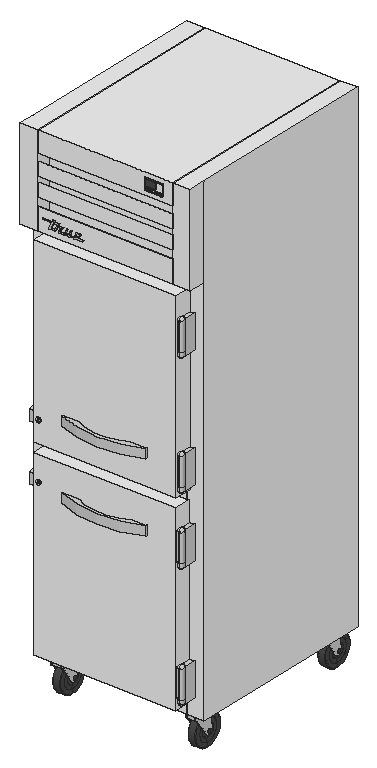
Revit family
Parameters
  Weight in Pounds = 0
  Watts = 1500 W
  Volts = 208 V
  URL Cutsheet = "www.truemfg.com"
  URL = "www.truemfg.com"
  Type Mark [instance] = ""
  Type Comments = ""
  Status [instance] = ""
  Specification by User [instance] = ""
  Specification by Manufacturer = ""
  Show Seismic Flanged [instance] = no
  Show Logo [instance] = yes
  Show Legs [instance] = no
  Show Clearance [instance] = yes
  Serial Number = ""
  Seismic Rating = ""
  Seismic Plate [instance] = and(Show Seismic Flanged, not(Show Casters))  # no
  SMACNA No = ""
  Revision Code [instance] = ""
  Phase = 1
  Omniclass Number and Title = ""
  Number of Poles [instance] = 1
  NAFEM Spec ID Number = ""
  Model = "STR1H-2HS"
  Min Ckt Ampacity = 0 A
  Max Overcurrent Protection = 0 A
  Masterspec = ""
  Manufacturer = "TRUE FOOD SERVICE EQUIPMENT, INC."
  Length = 27 1/2"
  Legs [instance] = or(Show Legs, Show Seismic Flanged)  # no
  Item Number [instance] = ""
  Installed By [instance] = ""
  Identify Quantity as Lot [instance] = yes
  Height = 77 3/4"
  HP = ""
  Furnished By [instance] = ""
  Foodservice Equipment Identifier [instance] = yes
  FL Amps = Watts / Volts  # 7.21154 A
  Electrical Remarks [instance] = ""
  Electric Connection Type [instance] = ""
  Elec Conn RI Height [instance] = 0"
  Elec Conn Connection Height [instance] = 0"
  Description = "Reach-in Solid Half Swing Door Heated Cabinet"
  Depth = 33 3/4"
  Cycle = 60 Hz
  Conn Plug = "6-15P"
  Conn Conduit = yes
  Show Casters [instance] = and(not(if(Show Legs, Show Legs, Show Legs)), not(if(Show Legs, Show Legs, Show Seismic Flanged)))  # yes
  CSI MasterFormat = ""
  CSI Master Format = ""
  Apparent Power = if(Phase = 3, Volts * FL Amps * 1.73, Volts * FL Amps)  # 1500 VA
Reference planes (in)
  plane 1 "BACK": y = 0
  plane 2: z = 0
  plane 3 "LEFT": x = 0
  plane 4 "RIGHT": x = 27.5
  plane 5 "FRONT": y = -33.75
  plane 6 "TOP": z = 84.125
  plane 7: z = 6.125
  plane 8: x = 2.84375
  plane 9: y = -33.7042
Forms (in)
  Extrusion 1, solid, material "QF_Finishes_Chrome - Satin"
    sketch origin (0.05, 0, 0) x (1, 0, 0) y (0, 1, 0)
      loop
        line (-0.05, 0) -> (-0.05, -31) -> (2.87859, -31) -> (2.87859, 0) -> (-0.05, 0)
    from 6.125 to 84.125
  Extrusion 2, solid, material "QF_Finishes_Chrome - Satin"
    sketch origin (50.15, 0, 0) x (1, 0, 0) y (0, 1, 0)
      loop
        line (-25.44375, 0) -> (-25.44375, -31) -> (-22.65, -31) -> (-22.65, 0) -> (-25.44375, 0)
    from 6.125 to 84.125
  Extrusion 3, solid, material "QF_Finishes_Chrome - Satin"
    sketch origin (0, 0, 0) x (0, 1, 0) y (0, 0, 1)
      loop
        line (-33.7042, 69.5) -> (-31, 69.5) -> (-31, 6.125) -> (0, 6.125) -> (0, 84.125) -> (-33.7042, 84.125) -> (-33.7042, 80.78078) -> (-31.5, 79.21352) -> (-31.5, 78.09125) -> (-33.7042, 79.65851) -> (-33.7042, 77.5248) -> (-31.5, 75.95754) -> (-31.5, 74.99678) -> (-33.7042, 76.56404) -> (-33.7042, 74.46784) -> (-31.5, 72.90057) -> (-31.5, 71.625) -> (-33.7042, 73.19226) -> (-33.7042, 69.5)
    from 2.92859 to 24.70625
  Extrusion 4, solid, material "QF_Finishes_Chrome - Satin"
    sketch origin (0, 0, 0) x (1, 0, 0) y (0, 1, 0)
      loop
        line (27.45312, -31) -> (24.70625, -31) -> (24.70625, -33.75) -> (27.45312, -33.75) -> (27.45312, -31)
    from 69.5 to 84.125
  Extrusion 5, solid, material "QF_Finishes_Chrome - Satin"
    sketch origin (-50.125, 0, 0.25) x (1, 0, 0) y (0, 1, 0)
      loop
        line (53.05359, -31) -> (50.17188, -31) -> (50.17188, -33.75) -> (53.05359, -33.75) -> (53.05359, -31)
    from 69.25 to 83.875
  Extrusion 6, solid, material "QF_Finishes_Chrome - Satin"
    sketch origin (-24.96875, 0, -0.71875) x (1, 0, 0) y (0, 0, 1)
      loop
        line (27.15625, 8.75) -> (50.09375, 8.75) -> (50.09375, 37.96875) -> (27.15625, 37.96875) -> (27.15625, 8.75)
      loop
        line (27.15625, 68.6875) -> (27.15625, 39.46875) -> (50.1875, 39.46875) -> (50.1875, 68.6875) -> (27.15625, 68.6875)
    from 31 to 33.75
  Extrusion 7, solid, material "QF_Finishes_Handrails and Railings"
    sketch origin (60.77813, -0.25, 31.96644) x (1, 0, 0) y (0, 1, 0)
      loop
        line (-53.875, -33.5) -> (-53.875, -33.7)
        arc (-53.875, -33.7) -> (-47.075, -35.14405) -> (-40.275, -33.7) r 16.7325
        line (-40.275, -33.7) -> (-40.275, -33.5) -> (-42.675, -33.5)
        arc (-42.675, -33.5) -> (-47.075, -34.65816) -> (-51.475, -33.5) r 8.93715
        line (-51.475, -33.5) -> (-53.875, -33.5)
    from 10.87731 to 12.37731
  Extrusion 8, solid, material "QF_Finishes_Handrails and Railings"
    sketch origin (-23.375, 0, 2.25) x (1, 0, 0) y (0, 0, 1)
      loop
        circle (26.4375, 40.0625) r 0.35
      loop
        line (26.47265, 40.33635) -> (26.41715, 40.33635) -> (26.41715, 39.76895) -> (26.47265, 39.76895) -> (26.47265, 40.33635)
    from 33.5 to 33.83066
  Extrusion 9, solid, material "QF_Finishes_Handrails and Railings", visible <- "Show Logo"
    sketch origin (0.33478, 1.08173, -6.73143) x (1, 0, 0) y (0, 0, 1)
      loop
        line (3.46044, 78.46231) -> (3.35478, 78.23573) -> (4.76027, 78.23573)
        arc (4.76027, 78.23573) -> (4.78879, 78.18528) -> (4.76027, 78.13484) r 0.05887
        line (4.76027, 78.13484) -> (4.39369, 77.34872)
        arc (4.39369, 77.34872) -> (4.39051, 77.27591) -> (4.43975, 77.22217) r 0.09523
        line (4.43975, 77.22217) -> (5.33844, 77.22217)
        arc (5.33844, 77.22217) -> (5.45192, 77.25795) -> (5.52436, 77.35235) r 0.19785
        line (5.52436, 77.35235) -> (5.81285, 77.97101) -> (6.0779, 77.97101)
        arc (6.0779, 77.97101) -> (6.14744, 77.94543) -> (6.13737, 77.87203) r 0.05911
        line (6.13737, 77.87203) -> (5.89598, 77.35437)
        arc (5.89598, 77.35437) -> (5.89974, 77.2684) -> (5.97231, 77.22217) r 0.09318
        line (5.97231, 77.22217) -> (6.76198, 77.22217)
        arc (6.76198, 77.22217) -> (6.82249, 77.24419) -> (6.85468, 77.29995) r 0.09412
        arc (6.85468, 77.29995) -> (6.87746, 77.24495) -> (6.93246, 77.22217) r 0.07778
        line (6.93246, 77.22217) -> (7.43246, 77.22217)
        arc (7.43246, 77.22217) -> (7.49022, 77.23765) -> (7.53251, 77.27993) r 0.11552
        arc (7.53251, 77.27993) -> (7.55275, 77.23106) -> (7.60162, 77.21081) r 0.06912
        line (7.60162, 77.21081) -> (8.31225, 77.21081)
        arc (8.31225, 77.21081) -> (8.37034, 77.23488) -> (8.39441, 77.29297) r 0.08216
        arc (8.39441, 77.29297) -> (8.44767, 77.23972) -> (8.52042, 77.22022) r 0.14551
        line (8.52042, 77.22022) -> (9.85158, 77.22022) -> (9.99946, 77.47634) -> (8.65678, 77.47634)
        arc (8.65678, 77.47634) -> (8.61972, 77.50204) -> (8.61834, 77.54711) r 0.05009
        line (8.61834, 77.54711) -> (8.64157, 77.59692)
        arc (8.64157, 77.59692) -> (8.67723, 77.64364) -> (8.73327, 77.66135) r 0.09747
        line (8.73327, 77.66135) -> (9.16485, 77.66135)
        arc (9.16485, 77.66135) -> (9.258, 77.68631) -> (9.32619, 77.7545) r 0.1863
        line (9.32619, 77.7545) -> (9.45119, 77.97101)
        arc (9.45119, 77.97101) -> (9.45119, 78.08657) -> (9.35111, 78.14434) r 0.11556
        line (9.35111, 78.14434) -> (8.89562, 78.14434)
        arc (8.89562, 78.14434) -> (8.7795, 78.12462) -> (8.69849, 78.03912) r 0.18605
        line (8.69849, 78.03912) -> (8.48204, 77.57493)
        arc (8.48204, 77.57493) -> (8.41815, 77.49167) -> (8.31806, 77.46011) r 0.1745
        line (8.31806, 77.46011) -> (7.84559, 77.46011)
        arc (7.84559, 77.46011) -> (7.78903, 77.52184) -> (7.79268, 77.60548) r 0.10939
        line (7.79268, 77.60548) -> (8.04395, 78.14434) -> (7.88403, 78.14434) -> (7.61781, 77.57344)
        arc (7.61781, 77.57344) -> (7.56609, 77.50603) -> (7.48505, 77.48048) r 0.14128
        line (7.48505, 77.48048) -> (7.15925, 77.48048)
        arc (7.15925, 77.48048) -> (7.10419, 77.55223) -> (7.116, 77.64189) r 0.11816
        line (7.116, 77.64189) -> (7.3503, 78.14434) -> (7.18514, 78.14434) -> (6.91546, 77.566)
        arc (6.91546, 77.566) -> (6.85285, 77.50339) -> (6.76733, 77.48048) r 0.17104
        line (6.76733, 77.48048) -> (6.29555, 77.48048)
        arc (6.29555, 77.48048) -> (6.21082, 77.51999) -> (6.20267, 77.61313) r 0.0935
        line (6.20267, 77.61313) -> (6.35774, 77.94569) -> (6.57695, 77.94569)
        arc (6.57695, 77.94569) -> (6.61395, 78.05717) -> (6.69267, 78.14434) r 0.2857
        line (6.69267, 78.14434) -> (5.83605, 78.14434)
        arc (5.83605, 78.14434) -> (5.74086, 78.12324) -> (5.67498, 78.05135) r 0.16212
        line (5.67498, 78.05135) -> (5.44279, 77.55341)
        arc (5.44279, 77.55341) -> (5.3894, 77.50002) -> (5.31647, 77.48048) r 0.14586
        line (5.31647, 77.48048) -> (4.80506, 77.48048)
        arc (4.80506, 77.48048) -> (4.76514, 77.53442) -> (4.77274, 77.60109) r 0.09155
        line (4.77274, 77.60109) -> (5.11018, 78.23573) -> (5.96155, 78.23573) -> (6.06721, 78.46231) -> (5.21584, 78.46231) -> (5.32149, 78.68888) -> (5.01862, 78.68888) -> (4.91297, 78.46231) -> (3.46044, 78.46231)
      loop
        arc (8.83805, 77.93863) -> (8.80119, 77.92875) -> (8.7742, 77.90176) r 0.07373
        line (8.7742, 77.90176) -> (8.75229, 77.83436)
        arc (8.75229, 77.83436) -> (8.76245, 77.80983) -> (8.78699, 77.79966) r 0.0347
        line (8.78699, 77.79966) -> (9.15948, 77.79966)
        arc (9.15948, 77.79966) -> (9.18632, 77.80561) -> (9.20812, 77.82234) r 0.0635
        line (9.20812, 77.82234) -> (9.22624, 77.90622)
        arc (9.22624, 77.90622) -> (9.22091, 77.92868) -> (9.20009, 77.93863) r 0.02676
        line (9.20009, 77.93863) -> (8.83805, 77.93863)
    from 34.76797 to 34.83173
  Extrusion 10, solid, material "QF_Finishes_White"
    sketch origin (-23.16691, 1.06376, 1.58022) x (1, 0, 0) y (0, 0, 1)
      loop
        line (43.31732, 81.73227) -> (43.31732, 79.98496) -> (46.22357, 79.98496) -> (46.22357, 81.73227) -> (43.31732, 81.73227)
    from 34.75 to 34.76797
  Extrusion 11, solid, material "QF_Finishes_Black"
    sketch origin (-23.16691, 1.06376, 1.58022) x (1, 0, 0) y (0, 0, 1)
      loop
        line (46.28607, 81.79477) -> (43.25482, 81.79477) -> (43.25482, 79.92246) -> (46.28607, 79.92246) -> (46.28607, 81.79477)
      loop
        spline (43.45482, 80.25372) -> (43.46333, 80.23754) -> (43.48831, 80.22247) -> (43.52804, 80.20952) -> (43.57982, 80.19959) -> (43.64011, 80.19335) -> (43.70482, 80.19122) -> (43.76952, 80.19335) -> (43.82982, 80.19959) -> (43.88159, 80.20952) -> (43.92132, 80.22247) -> (43.9463, 80.23754) -> (43.95482, 80.25372)
        spline (43.95482, 80.25372) -> (43.9463, 80.26989) -> (43.92132, 80.28497) -> (43.88159, 80.29791) -> (43.82982, 80.30784) -> (43.76952, 80.31409) -> (43.70482, 80.31622) -> (43.64011, 80.31409) -> (43.57982, 80.30784) -> (43.52804, 80.29791) -> (43.48831, 80.28497) -> (43.46333, 80.26989) -> (43.45482, 80.25372)
      loop
        spline (44.15083, 80.25372) -> (44.15935, 80.23754) -> (44.18432, 80.22247) -> (44.22405, 80.20952) -> (44.27583, 80.19959) -> (44.33612, 80.19335) -> (44.40083, 80.19122) -> (44.46553, 80.19335) -> (44.52583, 80.19959) -> (44.57761, 80.20952) -> (44.61734, 80.22247) -> (44.64231, 80.23754) -> (44.65083, 80.25372)
        spline (44.65083, 80.25372) -> (44.64231, 80.26989) -> (44.61734, 80.28497) -> (44.57761, 80.29791) -> (44.52583, 80.30784) -> (44.46553, 80.31409) -> (44.40083, 80.31622) -> (44.33612, 80.31409) -> (44.27583, 80.30784) -> (44.22405, 80.29791) -> (44.18432, 80.28497) -> (44.15935, 80.26989) -> (44.15083, 80.25372)
      loop
        spline (44.90083, 80.25372) -> (44.90935, 80.23754) -> (44.93432, 80.22247) -> (44.97405, 80.20952) -> (45.02583, 80.19959) -> (45.08612, 80.19335) -> (45.15083, 80.19122) -> (45.21553, 80.19335) -> (45.27583, 80.19959) -> (45.32761, 80.20952) -> (45.36734, 80.22247) -> (45.39231, 80.23754) -> (45.40083, 80.25372)
        spline (45.40083, 80.25372) -> (45.39231, 80.26989) -> (45.36734, 80.28497) -> (45.32761, 80.29791) -> (45.27583, 80.30784) -> (45.21553, 80.31409) -> (45.15083, 80.31622) -> (45.08612, 80.31409) -> (45.02583, 80.30784) -> (44.97405, 80.29791) -> (44.93432, 80.28497) -> (44.90935, 80.26989) -> (44.90083, 80.25372)
      loop
        line (43.45481, 81.59478) -> (43.45481, 80.59478) -> (45.15433, 80.59478) -> (45.15433, 81.59478) -> (43.45481, 81.59478)
      loop
        line (46.22357, 81.73227) -> (43.31732, 81.73227) -> (43.31732, 79.98496) -> (46.22357, 79.98496) -> (46.22357, 81.73227)
      loop
        spline (45.65083, 80.25372) -> (45.65935, 80.23754) -> (45.68432, 80.22247) -> (45.72405, 80.20952) -> (45.77583, 80.19959) -> (45.83612, 80.19335) -> (45.90083, 80.19122) -> (45.96553, 80.19335) -> (46.02583, 80.19959) -> (46.07761, 80.20952) -> (46.11734, 80.22247) -> (46.14231, 80.23754) -> (46.15083, 80.25372)
        spline (46.15083, 80.25372) -> (46.14231, 80.26989) -> (46.11734, 80.28497) -> (46.07761, 80.29791) -> (46.02583, 80.30784) -> (45.96553, 80.31409) -> (45.90083, 80.31622) -> (45.83612, 80.31409) -> (45.77583, 80.30784) -> (45.72405, 80.29791) -> (45.68432, 80.28497) -> (45.65935, 80.26989) -> (45.65083, 80.25372)
    from 34.76797 to 34.80335
  Extrusion 12, solid
    sketch origin (-25.125, 0, 0) x (1, 0, 0) y (0, 0, 1)
      loop
        circle (49.375, 82) r 0.25
    from 0 to 0.0625
  Blend 13, solid, material "QF_Finishes_Handrails and Railings"
    base sketch origin (27.53125, 0, 4.25) x (-1, 0, 0) y (0, 0, -1)
      loop
        line (25.25, -38.99169) -> (26, -38.99169) -> (26, -37.24169) -> (25.25, -37.24169) -> (25.25, -38.99169)
    top sketch origin (27.53125, 0, 4.25) x (-1, 0, 0) y (0, 0, -1)
      loop
        line (26.18223, -36.6441) -> (25.25, -36.6441) -> (25.25, -39.42643) -> (26.18223, -39.42643) -> (26.18223, -36.6441)
    from 33.57883 to 31
  Extrusion 14, solid, material "QF_Finishes_Handrails and Railings"
    sketch origin (26.1875, 0, 0) x (0, 1, 0) y (0, 0, -1)
      loop
        line (-31, -64.55229) -> (-31, -59.23627) -> (-33.25, -59.23627) -> (-33.25, -59.94848) -> (-32.81497, -59.94848) -> (-32.81497, -64.34776)
        arc (-32.81497, -64.34776) -> (-32.75506, -64.49238) -> (-32.61044, -64.55229) r 0.20453
        line (-32.61044, -64.55229) -> (-31, -64.55229)
    from 0.17506 to 1
  Revolve 15, solid, material "QF_Finishes_Handrails and Railings"
    sketch origin (25.6875, 0, 0) x (0, 1, 0) y (0, 0, -1)
      loop
        line (-33.26563, -60.00189) -> (-33.67229, -60.00189) -> (-33.67229, -64.4736)
        arc (-33.67229, -64.4736) -> (-33.53722, -64.72557) -> (-33.26563, -64.81483) r 0.3848
        line (-33.26563, -64.81483) -> (-33.26563, -60.00189)
      loop
        line (-33.26563, -59.94848) -> (-33.26563, -59.04781)
        arc (-33.26563, -59.04781) -> (-33.53264, -59.13383) -> (-33.67229, -59.37712) r 0.38884
        line (-33.67229, -59.37712) -> (-33.67229, -59.94848) -> (-33.26563, -59.94848)
      axis (-33.26563, -59.04781) -> (-33.26563, -64.81483)
    angle from 0 to 360
  Extrusion 16, solid, material "QF_Finishes_Handrails and Railings"
    sketch origin (27.5, 0, 0) x (-1, 0, 0) y (0, 0, -1)
      loop
        line (1.91491, -64.4736) -> (2.3125, -64.4736) -> (2.3125, -60.00079) -> (1.91491, -60.00079) -> (1.91491, -64.4736)
    from 32.81497 to 33.59495
  Extrusion 17, solid, material "QF_Finishes_Handrails and Railings"
    sketch origin (26.1875, 0, -19.5) x (0, 1, 0) y (0, 0, -1)
      loop
        line (-31, -64.55229) -> (-31, -59.23627) -> (-33.25, -59.23627) -> (-33.25, -59.94848) -> (-32.81497, -59.94848) -> (-32.81497, -64.34776)
        arc (-32.81497, -64.34776) -> (-32.75506, -64.49238) -> (-32.61044, -64.55229) r 0.20453
        line (-32.61044, -64.55229) -> (-31, -64.55229)
    from 0.17506 to 1
  Revolve 18, solid, material "QF_Finishes_Handrails and Railings"
    sketch origin (25.6875, 0, -19.5) x (0, 1, 0) y (0, 0, -1)
      loop
        line (-33.26563, -60.00189) -> (-33.67229, -60.00189) -> (-33.67229, -64.4736)
        arc (-33.67229, -64.4736) -> (-33.53722, -64.72557) -> (-33.26563, -64.81483) r 0.3848
        line (-33.26563, -64.81483) -> (-33.26563, -60.00189)
      loop
        line (-33.26563, -59.94848) -> (-33.26563, -59.04781)
        arc (-33.26563, -59.04781) -> (-33.53264, -59.13383) -> (-33.67229, -59.37712) r 0.38884
        line (-33.67229, -59.37712) -> (-33.67229, -59.94848) -> (-33.26563, -59.94848)
      axis (-33.26563, -59.04781) -> (-33.26563, -64.81483)
    angle from 0 to 360
  Extrusion 19, solid, material "QF_Finishes_Handrails and Railings"
    sketch origin (27.5, 0, -19.5) x (-1, 0, 0) y (0, 0, -1)
      loop
        line (1.91491, -64.4736) -> (2.3125, -64.4736) -> (2.3125, -60.00079) -> (1.91491, -60.00079) -> (1.91491, -64.4736)
    from 32.81497 to 33.59495
  Extrusion 20, solid, material "QF_Finishes_Handrails and Railings"
    sketch origin (26.1875, 0, -30.5) x (0, 1, 0) y (0, 0, -1)
      loop
        line (-31, -64.55229) -> (-31, -59.23627) -> (-33.25, -59.23627) -> (-33.25, -59.94848) -> (-32.81497, -59.94848) -> (-32.81497, -64.34776)
        arc (-32.81497, -64.34776) -> (-32.75506, -64.49238) -> (-32.61044, -64.55229) r 0.20453
        line (-32.61044, -64.55229) -> (-31, -64.55229)
    from 0.17506 to 1
  Revolve 21, solid, material "QF_Finishes_Handrails and Railings"
    sketch origin (25.6875, 0, -30.5) x (0, 1, 0) y (0, 0, -1)
      loop
        line (-33.26563, -60.00189) -> (-33.67229, -60.00189) -> (-33.67229, -64.4736)
        arc (-33.67229, -64.4736) -> (-33.53722, -64.72557) -> (-33.26563, -64.81483) r 0.3848
        line (-33.26563, -64.81483) -> (-33.26563, -60.00189)
      loop
        line (-33.26563, -59.94848) -> (-33.26563, -59.04781)
        arc (-33.26563, -59.04781) -> (-33.53264, -59.13383) -> (-33.67229, -59.37712) r 0.38884
        line (-33.67229, -59.37712) -> (-33.67229, -59.94848) -> (-33.26563, -59.94848)
      axis (-33.26563, -59.04781) -> (-33.26563, -64.81483)
    angle from 0 to 360
  Extrusion 22, solid, material "QF_Finishes_Handrails and Railings"
    sketch origin (27.5, 0, -30.5) x (-1, 0, 0) y (0, 0, -1)
      loop
        line (1.91491, -64.4736) -> (2.3125, -64.4736) -> (2.3125, -60.00079) -> (1.91491, -60.00079) -> (1.91491, -64.4736)
    from 32.81497 to 33.59495
  Extrusion 23, solid, material "QF_Finishes_Handrails and Railings"
    sketch origin (26.1875, 0, -50.25) x (0, 1, 0) y (0, 0, -1)
      loop
        line (-31, -64.55229) -> (-31, -59.23627) -> (-33.25, -59.23627) -> (-33.25, -59.94848) -> (-32.81497, -59.94848) -> (-32.81497, -64.34776)
        arc (-32.81497, -64.34776) -> (-32.75506, -64.49238) -> (-32.61044, -64.55229) r 0.20453
        line (-32.61044, -64.55229) -> (-31, -64.55229)
    from 0.17506 to 1
  Revolve 24, solid, material "QF_Finishes_Handrails and Railings"
    sketch origin (25.6875, 0, -50.25) x (0, 1, 0) y (0, 0, -1)
      loop
        line (-33.26563, -60.00189) -> (-33.67229, -60.00189) -> (-33.67229, -64.4736)
        arc (-33.67229, -64.4736) -> (-33.53722, -64.72557) -> (-33.26563, -64.81483) r 0.3848
        line (-33.26563, -64.81483) -> (-33.26563, -60.00189)
      loop
        line (-33.26563, -59.94848) -> (-33.26563, -59.04781)
        arc (-33.26563, -59.04781) -> (-33.53264, -59.13383) -> (-33.67229, -59.37712) r 0.38884
        line (-33.67229, -59.37712) -> (-33.67229, -59.94848) -> (-33.26563, -59.94848)
      axis (-33.26563, -59.04781) -> (-33.26563, -64.81483)
    angle from 0 to 360
  Extrusion 25, solid, material "QF_Finishes_Handrails and Railings"
    sketch origin (27.5, 0, -50.25) x (-1, 0, 0) y (0, 0, -1)
      loop
        line (1.91491, -64.4736) -> (2.3125, -64.4736) -> (2.3125, -60.00079) -> (1.91491, -60.00079) -> (1.91491, -64.4736)
    from 32.81497 to 33.59495
  Revolve 26, solid, material "QF_Finishes_Black", visible <- "Show Casters"
    sketch origin (22.65625, -27.375, 0) x (1, 0, 0) y (0, 0, 1)
      loop
        line (1.475, 5) -> (1.375, 4.9) -> (1.375, 4.29941) -> (1.53601, 4.29941) -> (1.53601, 3.54941) -> (1.375, 3.54941) -> (1.375, 2.79941) -> (0.975, 2.79941) -> (0.975, 2.5) -> (3.025, 2.5) -> (3.025, 2.79941) -> (2.62908, 2.79941) -> (2.62908, 3.54941) -> (2.46399, 3.54941) -> (2.46399, 4.29941) -> (2.62908, 4.29941) -> (2.62908, 4.89592) -> (2.525, 5) -> (1.475, 5)
      axis (3.025, 2.5) -> (0.975, 2.5)
    angle from 0 to 360
  Extrusion 27, solid, material "QF_Finishes_Handrails and Railings", visible <- "Show Casters"
    sketch origin (22.5625, 0, 0) x (0, 1, 0) y (0, 0, 1)
      loop
        line (-29.95136, 5.48574) -> (-29.95136, 4.88089) -> (-29.70136, 4.88089) -> (-27.95216, 2.18736)
        arc (-27.95216, 2.18736) -> (-27.23883, 1.94868) -> (-26.84581, 2.59003) r 0.60416
        line (-26.84581, 2.59003) -> (-27.20136, 5.48574) -> (-29.95136, 5.48574)
      loop
        line (-3.8577, 5.48574) -> (-3.8577, 4.88089) -> (-3.6077, 4.88089) -> (-1.8585, 2.18736)
        arc (-1.8585, 2.18736) -> (-1.14517, 1.94868) -> (-0.75215, 2.59003) r 0.60416
        line (-0.75215, 2.59003) -> (-1.1077, 5.48574) -> (-3.8577, 5.48574)
    from 1.175 to 1.325
  Extrusion 28, solid, material "QF_Finishes_Handrails and Railings", visible <- "Show Casters"
    sketch origin (24.0625, 0, 0) x (0, 1, 0) y (0, 0, 1)
      loop
        line (-29.95136, 5.48574) -> (-29.95136, 4.88089) -> (-29.70136, 4.88089) -> (-27.95216, 2.18736)
        arc (-27.95216, 2.18736) -> (-27.23883, 1.94868) -> (-26.84581, 2.59003) r 0.60416
        line (-26.84581, 2.59003) -> (-27.20136, 5.48574) -> (-29.95136, 5.48574)
      loop
        line (-3.8577, 5.48574) -> (-3.8577, 4.88089) -> (-3.6077, 4.88089) -> (-1.8585, 2.18736)
        arc (-1.8585, 2.18736) -> (-1.14517, 1.94868) -> (-0.75215, 2.59003) r 0.60416
        line (-0.75215, 2.59003) -> (-1.1077, 5.48574) -> (-3.8577, 5.48574)
    from 1.175 to 1.325
  Revolve 29, solid, material "QF_Finishes_Chrome - Satin", visible <- "Show Casters"
    sketch origin (22.65625, -28.5625, -0.5) x (1, 0, 0) y (0, 0, 1)
      loop
        line (2, 5.99546) -> (2, 6.62359) -> (0.70293, 6.62359) -> (0.70293, 5.99546) -> (2, 5.99546)
      axis (2, 5.99546) -> (2, 6.62359)
    angle from 0 to 360
  Revolve 30, solid, material "QF_Finishes_Chrome - Satin", visible <- "Legs"
    sketch origin (22.65625, -2.69102, 0) x (1, 0, 0) y (0, 0, 1)
      loop
        line (2, 6.125) -> (0.66662, 6.125) -> (1.25, 1) -> (1.5, 1) -> (1.5, 0) -> (2, 0) -> (2, 6.125)
      axis (2, 0) -> (2, 6.125)
    angle from 0 to 360
  Revolve 31, solid, material "QF_Finishes_Chrome - Satin", visible <- "Legs"
    sketch origin (22.65625, -28.65977, 0) x (1, 0, 0) y (0, 0, 1)
      loop
        line (2, 6.125) -> (0.66662, 6.125) -> (1.25, 1) -> (1.5, 1) -> (1.5, 0) -> (2, 0) -> (2, 6.125)
      axis (2, 0) -> (2, 6.125)
    angle from 0 to 360
  Revolve 32, solid, material "QF_Finishes_Chrome - Satin", visible <- "Show Casters"
    sketch origin (22.65625, -2.70321, -0.5) x (1, 0, 0) y (0, 0, 1)
      loop
        line (2, 5.99546) -> (2, 6.62359) -> (0.70293, 6.62359) -> (0.70293, 5.99546) -> (2, 5.99546)
      axis (2, 5.99546) -> (2, 6.62359)
    angle from 0 to 360
  Extrusion 33, solid, material "QF_Finishes_Handrails and Railings", visible <- "Show Casters"
    sketch origin (-25.21875, 0, 0) x (0, 1, 0) y (0, 0, 1)
      loop
        line (-29.95136, 5.48574) -> (-29.95136, 4.88089) -> (-29.70136, 4.88089) -> (-27.16533, 5.19227) -> (-27.20136, 5.48574) -> (-29.95136, 5.48574)
      loop
        line (-3.8577, 5.48574) -> (-3.8577, 4.88089) -> (-3.6077, 4.88089) -> (-1.07167, 5.19227) -> (-1.1077, 5.48574) -> (-3.8577, 5.48574)
    from 49.10625 to 50.45625
  Revolve 34, solid, material "QF_Finishes_Black", visible <- "Show Casters"
    sketch origin (22.65625, -1.21875, 0) x (1, 0, 0) y (0, 0, 1)
      loop
        line (1.475, 5) -> (1.375, 4.9) -> (1.375, 4.29941) -> (1.53601, 4.29941) -> (1.53601, 3.54941) -> (1.375, 3.54941) -> (1.375, 2.79941) -> (0.975, 2.79941) -> (0.975, 2.5) -> (3.025, 2.5) -> (3.025, 2.79941) -> (2.62908, 2.79941) -> (2.62908, 3.54941) -> (2.46399, 3.54941) -> (2.46399, 4.29941) -> (2.62908, 4.29941) -> (2.62908, 4.89592) -> (2.525, 5) -> (1.475, 5)
      axis (3.025, 2.5) -> (0.975, 2.5)
    angle from 0 to 360
  Revolve 35, solid, material "QF_Finishes_Black", visible <- "Show Casters"
    sketch origin (0.84375, -27.375, 0) x (1, 0, 0) y (0, 0, 1)
      loop
        line (1.475, 5) -> (1.375, 4.9) -> (1.375, 4.29941) -> (1.53601, 4.29941) -> (1.53601, 3.54941) -> (1.375, 3.54941) -> (1.375, 2.79941) -> (0.975, 2.79941) -> (0.975, 2.5) -> (3.025, 2.5) -> (3.025, 2.79941) -> (2.62908, 2.79941) -> (2.62908, 3.54941) -> (2.46399, 3.54941) -> (2.46399, 4.29941) -> (2.62908, 4.29941) -> (2.62908, 4.89592) -> (2.525, 5) -> (1.475, 5)
      axis (3.025, 2.5) -> (0.975, 2.5)
    angle from 0 to 360
  Extrusion 36, solid, material "QF_Finishes_Handrails and Railings", visible <- "Show Casters"
    sketch origin (0.84375, 0, 0) x (0, 1, 0) y (0, 0, 1)
      loop
        line (-29.95136, 5.48574) -> (-29.95136, 4.88089) -> (-29.70136, 4.88089) -> (-27.95216, 2.18736)
        arc (-27.95216, 2.18736) -> (-27.23883, 1.94868) -> (-26.84581, 2.59003) r 0.60416
        line (-26.84581, 2.59003) -> (-27.20136, 5.48574) -> (-29.95136, 5.48574)
      loop
        line (-3.8577, 5.48574) -> (-3.8577, 4.88089) -> (-3.6077, 4.88089) -> (-1.8585, 2.18736)
        arc (-1.8585, 2.18736) -> (-1.14517, 1.94868) -> (-0.75215, 2.59003) r 0.60416
        line (-0.75215, 2.59003) -> (-1.1077, 5.48574) -> (-3.8577, 5.48574)
    from 1.175 to 1.325
  Extrusion 37, solid, material "QF_Finishes_Handrails and Railings", visible <- "Show Casters"
    sketch origin (2.34375, 0, 0) x (0, 1, 0) y (0, 0, 1)
      loop
        line (-29.95136, 5.48574) -> (-29.95136, 4.88089) -> (-29.70136, 4.88089) -> (-27.95216, 2.18736)
        arc (-27.95216, 2.18736) -> (-27.23883, 1.94868) -> (-26.84581, 2.59003) r 0.60416
        line (-26.84581, 2.59003) -> (-27.20136, 5.48574) -> (-29.95136, 5.48574)
      loop
        line (-3.8577, 5.48574) -> (-3.8577, 4.88089) -> (-3.6077, 4.88089) -> (-1.8585, 2.18736)
        arc (-1.8585, 2.18736) -> (-1.14517, 1.94868) -> (-0.75215, 2.59003) r 0.60416
        line (-0.75215, 2.59003) -> (-1.1077, 5.48574) -> (-3.8577, 5.48574)
    from 1.175 to 1.325
  Revolve 38, solid, material "QF_Finishes_Chrome - Satin", visible <- "Show Casters"
    sketch origin (0.84375, -28.5625, -0.5) x (1, 0, 0) y (0, 0, 1)
      loop
        line (2, 5.99546) -> (2, 6.62359) -> (0.70293, 6.62359) -> (0.70293, 5.99546) -> (2, 5.99546)
      axis (2, 5.99546) -> (2, 6.62359)
    angle from 0 to 360
  Revolve 39, solid, material "QF_Finishes_Chrome - Satin", visible <- "Legs"
    sketch origin (0.84375, -2.69102, 0) x (1, 0, 0) y (0, 0, 1)
      loop
        line (2, 6.125) -> (0.66662, 6.125) -> (1.25, 1) -> (1.5, 1) -> (1.5, 0) -> (2, 0) -> (2, 6.125)
      axis (2, 0) -> (2, 6.125)
    angle from 0 to 360
  Revolve 40, solid, material "QF_Finishes_Chrome - Satin", visible <- "Legs"
    sketch origin (0.84375, -28.65977, 0) x (1, 0, 0) y (0, 0, 1)
      loop
        line (2, 6.125) -> (0.66662, 6.125) -> (1.25, 1) -> (1.5, 1) -> (1.5, 0) -> (2, 0) -> (2, 6.125)
      axis (2, 0) -> (2, 6.125)
    angle from 0 to 360
  Revolve 41, solid, material "QF_Finishes_Chrome - Satin", visible <- "Show Casters"
    sketch origin (0.84375, -2.70321, -0.5) x (1, 0, 0) y (0, 0, 1)
      loop
        line (2, 5.99546) -> (2, 6.62359) -> (0.70293, 6.62359) -> (0.70293, 5.99546) -> (2, 5.99546)
      axis (2, 5.99546) -> (2, 6.62359)
    angle from 0 to 360
  Extrusion 42, solid, material "QF_Finishes_Handrails and Railings", visible <- "Show Casters"
    sketch origin (-46.9375, 0, 0) x (0, 1, 0) y (0, 0, 1)
      loop
        line (-29.95136, 5.48574) -> (-29.95136, 4.88089) -> (-29.70136, 4.88089) -> (-27.16533, 5.19227) -> (-27.20136, 5.48574) -> (-29.95136, 5.48574)
      loop
        line (-3.8577, 5.48574) -> (-3.8577, 4.88089) -> (-3.6077, 4.88089) -> (-1.07167, 5.19227) -> (-1.1077, 5.48574) -> (-3.8577, 5.48574)
    from 49.10625 to 50.45625
  Revolve 43, solid, material "QF_Finishes_Black", visible <- "Show Casters"
    sketch origin (0.84375, -1.21875, 0) x (1, 0, 0) y (0, 0, 1)
      loop
        line (1.475, 5) -> (1.375, 4.9) -> (1.375, 4.29941) -> (1.53601, 4.29941) -> (1.53601, 3.54941) -> (1.375, 3.54941) -> (1.375, 2.79941) -> (0.975, 2.79941) -> (0.975, 2.5) -> (3.025, 2.5) -> (3.025, 2.79941) -> (2.62908, 2.79941) -> (2.62908, 3.54941) -> (2.46399, 3.54941) -> (2.46399, 4.29941) -> (2.62908, 4.29941) -> (2.62908, 4.89592) -> (2.525, 5) -> (1.475, 5)
      axis (3.025, 2.5) -> (0.975, 2.5)
    angle from 0 to 360
  Extrusion 44, solid, material "QF_Finishes_Door Clearance", visible <- "Show Clearance", detail levels coarse
    sketch origin (26.33466, -3.6098, 0) x (1, 0, 0) y (0, 1, 0)
      loop
        line (-1.17841, -30.1402) -> (-24.14716, -30.1402)
        arc (-24.14716, -30.1402) -> (-17.41977, -46.38156) -> (-1.17841, -53.10895) r 22.96875
        line (-1.17841, -53.10895) -> (-1.17841, -30.1402)
    from 38.75 to 67.96875
  Extrusion 45, solid, material "QF_Finishes_Chrome - Satin", visible <- "Seismic Plate"
    sketch origin (-0.22541, -26.96562, 0) x (1, 0, 0) y (0, 1, 0)
      loop
        circle (3.06916, -1.69416) r 1.5
    from 0 to 0.25
  Extrusion 46, solid, material "QF_Finishes_Chrome - Satin", visible <- "Seismic Plate"
    sketch origin (-0.22541, -0.99687, 0) x (1, 0, 0) y (0, 1, 0)
      loop
        circle (3.06916, -1.69416) r 1.5
    from 0 to 0.25
  Extrusion 47, solid, material "QF_Finishes_Chrome - Satin", visible <- "Seismic Plate"
    sketch origin (21.49334, -0.99687, 0) x (1, 0, 0) y (0, 1, 0)
      loop
        circle (3.16291, -1.69416) r 1.5
    from 0 to 0.25
  Extrusion 48, solid, material "QF_Finishes_Chrome - Satin", visible <- "Seismic Plate"
    sketch origin (21.49334, -26.96562, 0) x (1, 0, 0) y (0, 1, 0)
      loop
        circle (3.16291, -1.69416) r 1.5
    from 0 to 0.25
  Extrusion 49, solid, material "QF_Finishes_Handrails and Railings"
    sketch origin (-23.375, 0, 73.375) x (1, 0, 0) y (0, 0, 1)
      loop
        circle (26.4375, -40.0625) r 0.35
      loop
        line (26.47265, -40.33635) -> (26.47265, -39.76895) -> (26.41715, -39.76895) -> (26.41715, -40.33635) -> (26.47265, -40.33635)
    from 33.5 to 33.83066
  Blend 50, solid, material "QF_Finishes_Handrails and Railings"
    base sketch origin (27.53125, 0, 71.375) x (-1, 0, 0) y (0, 0, -1)
      loop
        line (25.25, 38.99169) -> (25.25, 37.24169) -> (26, 37.24169) -> (26, 38.99169) -> (25.25, 38.99169)
    top sketch origin (27.53125, 0, 71.375) x (-1, 0, 0) y (0, 0, -1)
      loop
        line (26.18223, 36.6441) -> (26.18223, 39.42643) -> (25.25, 39.42643) -> (25.25, 36.6441) -> (26.18223, 36.6441)
    from 33.57883 to 31
  Extrusion 51, solid, material "QF_Finishes_Handrails and Railings"
    sketch origin (60.77813, -0.25, 20.77894) x (1, 0, 0) y (0, 1, 0)
      loop
        line (-53.875, -33.5) -> (-53.875, -33.7)
        arc (-53.875, -33.7) -> (-47.075, -35.14405) -> (-40.275, -33.7) r 16.7325
        line (-40.275, -33.7) -> (-40.275, -33.5) -> (-42.675, -33.5)
        arc (-42.675, -33.5) -> (-47.075, -34.65816) -> (-51.475, -33.5) r 8.93715
        line (-51.475, -33.5) -> (-53.875, -33.5)
    from 10.87731 to 12.37731
  Extrusion 52, solid, material "QF_Finishes_Door Clearance", visible <- "Show Clearance", detail levels coarse
    sketch origin (26.33466, -3.6098, -30.71875) x (1, 0, 0) y (0, 1, 0)
      loop
        line (-1.17841, -30.1402) -> (-24.14716, -30.1402)
        arc (-24.14716, -30.1402) -> (-17.41977, -46.38156) -> (-1.17841, -53.10895) r 22.96875
        line (-1.17841, -53.10895) -> (-1.17841, -30.1402)
    from 38.75 to 67.96875
Cuts and joins
  joined: Extrusion 1, Extrusion 2, Extrusion 4, Extrusion 5
Lines and regions (in)
  symbolic lines
    curve 1: line (0, 0, 0) -> (27.5, 0, 0)
    curve 2: line (0, -33.75, 0) -> (0, 0, 0)
    curve 3: line (27.5, -33.75, 0) -> (0, -33.75, 0)
    curve 4: line (27.5, 0, 0) -> (27.5, -33.75, 0)
    curve 5: line (27.5, -31.5, 0) -> (0, -31.5, 0)
    curve 22: arc (18.08246, -33.75, 0) -> (13.68246, -34.90816, 0) -> (9.28246, -33.75, 0) r 8.93715
    curve 23: arc (6.88246, -33.95, 0) -> (13.68246, -35.39405, 0) -> (20.48246, -33.95, 0) r 16.7325
    curve 24: line (6.88246, -33.75, 0) -> (6.88246, -33.95, 0)
    curve 25: line (20.48246, -33.95, 0) -> (20.48246, -33.75, 0)
  symbolic lines, style "SpecialityEquipmentHiddenLines", visible <- "Show Casters"
    curve 6: line (3.82597, -24.4208, 0) -> (5.12501, -25.1708, 0)
    curve 7: line (1.20097, -28.96743, 0) -> (3.82597, -24.4208, 0)
    curve 8: line (2.50001, -29.71743, 0) -> (1.20097, -28.96743, 0)
    curve 9: line (5.12501, -25.1708, 0) -> (2.50001, -29.71743, 0)
    curve 10: line (3.82597, -0.4208, 0) -> (5.12501, -1.1708, 0)
    curve 11: line (1.20097, -4.96743, 0) -> (3.82597, -0.4208, 0)
    curve 12: line (2.50001, -5.71743, 0) -> (1.20097, -4.96743, 0)
    curve 13: line (5.12501, -1.1708, 0) -> (2.50001, -5.71743, 0)
    curve 14: line (24.73343, -0.4208, 0) -> (26.03247, -1.1708, 0)
    curve 15: line (22.10843, -4.96743, 0) -> (24.73343, -0.4208, 0)
    curve 16: line (23.40747, -5.71743, 0) -> (22.10843, -4.96743, 0)
    curve 17: line (26.03247, -1.1708, 0) -> (23.40747, -5.71743, 0)
    curve 18: line (24.82718, -24.52487, 0) -> (26.12622, -25.27487, 0)
    curve 19: line (22.20218, -29.07151, 0) -> (24.82718, -24.52487, 0)
    curve 20: line (23.50122, -29.82151, 0) -> (22.20218, -29.07151, 0)
    curve 21: line (26.12622, -25.27487, 0) -> (23.50122, -29.82151, 0)
  symbolic lines, style "QF-Door Swings", visible <- "Show Clearance", detail levels coarse
    curve 26: line (25.15625, -33.75, 0) -> (25.15625, -56.71875, 0)
    curve 27: arc (25.15625, -56.71875, 0) -> (8.91489, -49.99136, 0) -> (2.1875, -33.75, 0) r 22.96875
Dimensions and locks (in)
  "Depth": plane 5 "FRONT" to plane 1 "BACK"
  plane 7 to level = 6 1/8"
  plane 6 "TOP" to level = 84 1/8"
  plane 6 "TOP" to plane 7 = 78"
  plane 6 "TOP" to cut or joined group of Extrusion 1, Extrusion 2, Extrusion 4, Extrusion 5 = 14 5/8"
  Extrusion 6 sketch curve to Extrusion 6 sketch curve = 22 15/16"
  Extrusion 6 to plane 1 "BACK" = 33 3/4"
  "Length": plane 3 "LEFT" to plane 4 "RIGHT"
  plane 4 "RIGHT" to plane 3 "LEFT" = 27 1/2"
  cut or joined group of Extrusion 1, Extrusion 2, Extrusion 4, Extrusion 5 to cut or joined group of Extrusion 1, Extrusion 2, Extrusion 4, Extrusion 5 = 27 13/32"
  Extrusion 6 to Extrusion 51 = 4 3/32"
  Extrusion 7 to Extrusion 6 = 4 3/32"
  aligned and locked: level to plane 2
Automatic sketch dimensions
  plane 1 "BACK" to curve 1 = 0"
  curve 1 to plane 3 "LEFT" = 0"
  plane 5 "FRONT" to curve 27 = 0"
  curve 3 to plane 4 "RIGHT" = 0"
  plane 3 "LEFT" to curve 11 = 1.20097"
  plane 3 "LEFT" to curve 8 = 1.20097"
  curve 27 to plane 8 = 21/32"
  curve 13 to plane 8 = 11/32"
  curve 8 to plane 8 = 11/32"
  plane 1 "BACK" to curve 11 = 0.4208"
  plane 8 to curve 11 = 0.98222"
  plane 8 to curve 7 = 0.98222"
  plane 5 "FRONT" to curve 23 = 0.2"
  plane 8 to curve 23 = 4.03871"
  curve 24 to curve 22 = 2.4"
  plane 8 to curve 23 = 10.83871"
  curve 6 to curve 22 = 8.55746"
  plane 5 "FRONT" to curve 25 = 0.2"
  curve 16 to plane 4 "RIGHT" = 5.39157"
  curve 19 to plane 4 "RIGHT" = 5.29782"
  curve 15 to curve 17 = 1.29904"
  curve 19 to curve 21 = 1.29904"
  plane 1 "BACK" to curve 15 = 0.4208"
  curve 15 to plane 4 "RIGHT" = 2.76657"
  curve 18 to plane 4 "RIGHT" = 2.67282"
  curve 27 to plane 4 "RIGHT" = 2 11/32"
  curve 5 to plane 5 "FRONT" = 2 1/4"
  curve 21 to plane 5 "FRONT" = 3.92849"
  curve 5 to curve 8 = 1.78257"
  curve 20 to curve 20 = 3/4"
  curve 8 to curve 7 = 3/4"
  curve 22 to curve 6 = 0.80021"
  curve 22 to curve 23 = 7.30945"
  curve 12 to curve 10 = 5.29663"
  curve 16 to curve 14 = 5.29663"
  Extrusion 1 sketch curve to plane 3 "LEFT" = 0"
  plane 1 "BACK" to Extrusion 1 sketch curve = 0"
  plane 8 to Extrusion 1 sketch curve = 0.08484"
  Extrusion 1 sketch curve to plane 5 "FRONT" = 2 3/4"
  plane 1 "BACK" to Extrusion 2 sketch curve = 0"
  Extrusion 2 sketch curve to plane 4 "RIGHT" = 0"
  Extrusion 2 sketch curve to plane 4 "RIGHT" = 2.79375"
  Extrusion 2 sketch curve to plane 5 "FRONT" = 2 3/4"
  Extrusion 3 sketch curve to plane 9 = 0"  (x4)
  Extrusion 3 sketch curve to plane 6 "TOP" = 0"
  plane 9 to Extrusion 3 sketch curve = 2.2042"  (x2)
  Extrusion 3 sketch curve to Extrusion 3 sketch curve = 0"
  Extrusion 3 sketch curve to Extrusion 3 sketch curve = 1/2"
  plane 1 "BACK" to Extrusion 3 sketch curve = 0"
  Extrusion 3 sketch curve to plane 6 "TOP" = 3.34422"
  Extrusion 3 sketch curve to Extrusion 3 sketch curve = 1.12227"  (x2)
  Extrusion 3 sketch curve to Extrusion 3 sketch curve = 0.445"
  Extrusion 3 sketch curve to Extrusion 3 sketch curve = 2.13371"  (x2)
  Extrusion 3 sketch curve to Extrusion 3 sketch curve = 0.96076"  (x2)
  Extrusion 3 sketch curve to Extrusion 3 sketch curve = 2.0962"  (x2)
  Extrusion 3 sketch curve to Extrusion 3 sketch curve = 1.27557"  (x2)
  Extrusion 3 sketch curve to Extrusion 3 sketch curve = 2 1/8"
  Extrusion 3 sketch curve to plane 7 = 0"
  plane 5 "FRONT" to Extrusion 4 sketch curve = 0"
  Extrusion 4 sketch curve to plane 4 "RIGHT" = 2.79375"
  Extrusion 4 sketch curve to plane 4 "RIGHT" = 3/64"
  Extrusion 4 sketch curve to plane 5 "FRONT" = 2 3/4"
  plane 5 "FRONT" to Extrusion 5 sketch curve = 0"
  plane 3 "LEFT" to Extrusion 5 sketch curve = 3/64"
  plane 8 to Extrusion 5 sketch curve = 0.08484"
  Extrusion 5 sketch curve to plane 5 "FRONT" = 2 3/4"
  Extrusion 6 sketch curve to plane 8 = 21/32"  (x2)
  Extrusion 6 sketch curve to plane 4 "RIGHT" = 2 9/32"
  plane 7 to Extrusion 6 sketch curve = 1 29/32"
  Extrusion 6 sketch curve to Extrusion 6 sketch curve = 29 7/32"
  Extrusion 6 sketch curve to Extrusion 6 sketch curve = 1 1/2"
  Extrusion 6 sketch curve to plane 6 "TOP" = 16 5/32"
  plane 5 "FRONT" to Extrusion 7 sketch curve = 0"  (x2)
  plane 8 to Extrusion 7 sketch curve = 4.05938"
  Extrusion 7 sketch curve to Extrusion 7 sketch curve = 2.4"  (x2)
  plane 8 to Extrusion 7 sketch curve = 10 55/64"
  Extrusion 7 sketch curve to Extrusion 7 sketch curve = 0"
  Extrusion 7 sketch curve to Extrusion 7 sketch curve = 0.2"
  Extrusion 7 sketch curve to plane 5 "FRONT" = 7.77899"
  Extrusion 7 sketch curve to Extrusion 7 sketch curve = 7.30945"
  plane 8 to Extrusion 8 sketch curve = 0.1984"
  plane 8 to Extrusion 8 sketch curve = 7/32"
  Extrusion 8 sketch curve to Extrusion 8 sketch curve = 0.0555"
  plane 7 to Extrusion 8 sketch curve = 35.89395"
  Extrusion 8 sketch curve to Extrusion 8 sketch curve = 0.29355"
  Extrusion 8 sketch curve to Extrusion 8 sketch curve = 0.27385"
  plane 8 to Extrusion 9 sketch curve = 0.84582"
  Extrusion 9 sketch curve to Extrusion 9 sketch curve = 0.10565"  (x5)
  Extrusion 9 sketch curve to Extrusion 9 sketch curve = 1.03891"
  Extrusion 9 sketch curve to Extrusion 9 sketch curve = 0.04606"
  Extrusion 9 sketch curve to Extrusion 9 sketch curve = 0.04025"
  Extrusion 9 sketch curve to Extrusion 9 sketch curve = 0.33624"
  Extrusion 9 sketch curve to Extrusion 9 sketch curve = 0.03034"  (x2)
  Extrusion 9 sketch curve to Extrusion 9 sketch curve = 0.29274"
  Extrusion 9 sketch curve to Extrusion 9 sketch curve = 0.03232"
  Extrusion 9 sketch curve to Extrusion 9 sketch curve = 0.08083"
  Extrusion 9 sketch curve to Extrusion 9 sketch curve = 0.1527"
  Extrusion 9 sketch curve to Extrusion 9 sketch curve = 0.19721"
  Extrusion 9 sketch curve to Extrusion 9 sketch curve = 0.4629"
  Extrusion 9 sketch curve to Extrusion 9 sketch curve = 0.02197"
  Extrusion 9 sketch curve to Extrusion 9 sketch curve = 0.12632"
  Extrusion 9 sketch curve to Extrusion 9 sketch curve = 0.18591"
  Extrusion 9 sketch curve to Extrusion 9 sketch curve = 0.2322"
  Extrusion 9 sketch curve to Extrusion 9 sketch curve = 0.13786"
  Extrusion 9 sketch curve to Extrusion 9 sketch curve = 0.00907"
  Extrusion 9 sketch curve to Extrusion 9 sketch curve = 0.01413"
  Extrusion 9 sketch curve to Extrusion 9 sketch curve = 0.37162"
  Extrusion 9 sketch curve to Extrusion 9 sketch curve = 0.12551"
  Extrusion 9 sketch curve to Extrusion 9 sketch curve = 0.07633"
  Extrusion 9 sketch curve to Extrusion 9 sketch curve = 0.08445"
  Extrusion 9 sketch curve to Extrusion 9 sketch curve = 0.25598"
  Extrusion 9 sketch curve to Extrusion 9 sketch curve = 0.01887"
  Extrusion 9 sketch curve to Extrusion 9 sketch curve = 0.04061"
  Extrusion 9 sketch curve to Extrusion 9 sketch curve = 0.0653"
  Extrusion 9 sketch curve to Extrusion 9 sketch curve = 0.08474"
  Extrusion 9 sketch curve to Extrusion 9 sketch curve = 0.00815"
  Extrusion 9 sketch curve to Extrusion 9 sketch curve = 0.22037"
  Extrusion 9 sketch curve to Extrusion 9 sketch curve = 0.21921"
  Extrusion 9 sketch curve to Extrusion 9 sketch curve = 0.11572"
  Extrusion 9 sketch curve to Extrusion 9 sketch curve = 0.46643"
  Extrusion 9 sketch curve to Extrusion 9 sketch curve = 0.00535"
  Extrusion 9 sketch curve to Extrusion 9 sketch curve = 0.09269"
  Extrusion 9 sketch curve to Extrusion 9 sketch curve = 0.09348"
  Extrusion 9 sketch curve to Extrusion 9 sketch curve = 0.14812"
  Extrusion 9 sketch curve to Extrusion 9 sketch curve = 0.07778"  (x3)
  Extrusion 9 sketch curve to Extrusion 9 sketch curve = 0.20054"
  Extrusion 9 sketch curve to Extrusion 9 sketch curve = 0.04325"
  Extrusion 9 sketch curve to Extrusion 9 sketch curve = 0.32433"
  Extrusion 9 sketch curve to Extrusion 9 sketch curve = 0.10233"  (x2)
  Extrusion 9 sketch curve to Extrusion 9 sketch curve = 0.16515"
  Extrusion 9 sketch curve to Extrusion 9 sketch curve = 0.27321"
  Extrusion 9 sketch curve to Extrusion 9 sketch curve = 0.0526"
  Extrusion 9 sketch curve to Extrusion 9 sketch curve = 0.10005"
  Extrusion 9 sketch curve to Extrusion 9 sketch curve = 0.06912"
  Extrusion 9 sketch curve to Extrusion 9 sketch curve = 0.13276"
  Extrusion 9 sketch curve to Extrusion 9 sketch curve = 0.17486"
  Extrusion 9 sketch curve to Extrusion 9 sketch curve = 0.05291"
  Extrusion 9 sketch curve to Extrusion 9 sketch curve = 0.53374"
  Extrusion 9 sketch curve to Extrusion 9 sketch curve = 0.09914"  (x2)
  Extrusion 9 sketch curve to Extrusion 9 sketch curve = 0.15992"
  Extrusion 9 sketch curve to Extrusion 9 sketch curve = 0.46666"
  Extrusion 9 sketch curve to Extrusion 9 sketch curve = 0.00582"
  Extrusion 9 sketch curve to Extrusion 9 sketch curve = 0.08216"
  Extrusion 9 sketch curve to Extrusion 9 sketch curve = 0.16397"
  Extrusion 9 sketch curve to Extrusion 9 sketch curve = 0.12601"
  Extrusion 9 sketch curve to Extrusion 9 sketch curve = 0.1363"
  Extrusion 9 sketch curve to Extrusion 9 sketch curve = 0.02323"
  Extrusion 9 sketch curve to Extrusion 9 sketch curve = 0.03844"
  Extrusion 9 sketch curve to Extrusion 9 sketch curve = 0.0454"
  Extrusion 9 sketch curve to Extrusion 9 sketch curve = 0.05693"
  Extrusion 9 sketch curve to Extrusion 9 sketch curve = 0.0917"
  Extrusion 9 sketch curve to Extrusion 9 sketch curve = 0.01902"
  Extrusion 9 sketch curve to Extrusion 9 sketch curve = 0.02191"
  Extrusion 9 sketch curve to Extrusion 9 sketch curve = 0.0347"
  Extrusion 9 sketch curve to Extrusion 9 sketch curve = 0.06385"
  Extrusion 9 sketch curve to Extrusion 9 sketch curve = 0.02906"
  Extrusion 9 sketch curve to Extrusion 9 sketch curve = 0.02851"
  Extrusion 9 sketch curve to Extrusion 9 sketch curve = 0.29237"
  Extrusion 9 sketch curve to Extrusion 9 sketch curve = 0.00537"
  Extrusion 9 sketch curve to Extrusion 9 sketch curve = 0.0406"
  Extrusion 9 sketch curve to Extrusion 9 sketch curve = 0.04327"
  Extrusion 9 sketch curve to Extrusion 9 sketch curve = 0.02615"
  Extrusion 9 sketch curve to Extrusion 9 sketch curve = 0.11806"
  Extrusion 9 sketch curve to Extrusion 9 sketch curve = 0.15103"
  Extrusion 9 sketch curve to Extrusion 9 sketch curve = 0.10007"
  Extrusion 9 sketch curve to Extrusion 9 sketch curve = 0.5254"
  Extrusion 9 sketch curve to Extrusion 9 sketch curve = 0.14787"
  Extrusion 9 sketch curve to plane 6 "TOP" = 13.64562"
  Extrusion 9 sketch curve to Extrusion 9 sketch curve = 0.07275"
  Extrusion 9 sketch curve to Extrusion 9 sketch curve = 0.05776"
  Extrusion 9 sketch curve to Extrusion 9 sketch curve = 0.08631"
  Extrusion 9 sketch curve to Extrusion 9 sketch curve = 0.09282"
  Extrusion 9 sketch curve to Extrusion 9 sketch curve = 0.13018"
  Extrusion 9 sketch curve to Extrusion 9 sketch curve = 0.16714"
  Extrusion 9 sketch curve to Extrusion 9 sketch curve = 0.11061"
  Extrusion 9 sketch curve to Extrusion 9 sketch curve = 0.06046"
  Extrusion 9 sketch curve to Extrusion 9 sketch curve = 0.16548"
  Extrusion 9 sketch curve to Extrusion 9 sketch curve = 0.14279"
  Extrusion 9 sketch curve to Extrusion 9 sketch curve = 0.0496"
  Extrusion 9 sketch curve to Extrusion 9 sketch curve = 0.07293"
  Extrusion 9 sketch curve to Extrusion 9 sketch curve = 0.07764"
  Extrusion 9 sketch curve to Extrusion 9 sketch curve = 0.03794"
  Extrusion 9 sketch curve to Extrusion 9 sketch curve = 0.08552"
  Extrusion 9 sketch curve to Extrusion 9 sketch curve = 0.09296"
  Extrusion 9 sketch curve to Extrusion 9 sketch curve = 0.09314"
  Extrusion 9 sketch curve to Extrusion 9 sketch curve = 0.02781"
  Extrusion 9 sketch curve to Extrusion 9 sketch curve = 0.04981"
  Extrusion 9 sketch curve to Extrusion 9 sketch curve = 0.09315"
  Extrusion 9 sketch curve to Extrusion 9 sketch curve = 0.04799"
  Extrusion 9 sketch curve to Extrusion 9 sketch curve = 0.02531"
  Extrusion 9 sketch curve to Extrusion 9 sketch curve = 0.03054"
  Extrusion 9 sketch curve to Extrusion 9 sketch curve = 0.2589"
  Extrusion 9 sketch curve to Extrusion 9 sketch curve = 0.0674"
  Extrusion 9 sketch curve to Extrusion 9 sketch curve = 0.0324"
  Extrusion 9 sketch curve to Extrusion 9 sketch curve = 0.26185"
  Extrusion 9 sketch curve to Extrusion 9 sketch curve = 11/256"
  Extrusion 9 sketch curve to Extrusion 9 sketch curve = 0.07366"
  Extrusion 9 sketch curve to Extrusion 9 sketch curve = 0.02187"
  Extrusion 9 sketch curve to Extrusion 9 sketch curve = 0.06479"
  Extrusion 9 sketch curve to Extrusion 9 sketch curve = 0.01183"
  Extrusion 9 sketch curve to Extrusion 9 sketch curve = 0.05778"
  Extrusion 9 sketch curve to Extrusion 9 sketch curve = 0.53375"
  Extrusion 9 sketch curve to Extrusion 9 sketch curve = 0.23098"
  Extrusion 9 sketch curve to Extrusion 9 sketch curve = 0"
  Extrusion 9 sketch curve to Extrusion 9 sketch curve = 0.05045"
  Extrusion 9 sketch curve to Extrusion 9 sketch curve = 0.09139"
  Extrusion 9 sketch curve to Extrusion 9 sketch curve = 29/128"  (x3)
  Extrusion 10 sketch curve to plane 6 "TOP" = 2.55982"
  Extrusion 10 sketch curve to plane 4 "RIGHT" = 7.3496"
  Extrusion 10 sketch curve to Extrusion 10 sketch curve = 2 29/32"
  Extrusion 10 sketch curve to plane 6 "TOP" = 13/16"
  Extrusion 11 sketch curve to plane 6 "TOP" = 3/4"
  Extrusion 11 sketch curve to plane 4 "RIGHT" = 7.4121"
  Extrusion 11 sketch curve to Extrusion 11 sketch curve = 1/16"  (x4)
  Extrusion 11 sketch curve to Extrusion 11 sketch curve = 0.1375"  (x2)
  Extrusion 11 sketch curve to Extrusion 11 sketch curve = 1/4"  (x4)
  Extrusion 11 sketch curve to Extrusion 11 sketch curve = 0.44601"
  Extrusion 11 sketch curve to Extrusion 11 sketch curve = 1/2"  (x2)
  Extrusion 11 sketch curve to Extrusion 11 sketch curve = 0.0035"
  Extrusion 11 sketch curve to Extrusion 11 sketch curve = 1.06923"
  Extrusion 11 sketch curve to plane 6 "TOP" = 0.95"
  Extrusion 11 sketch curve to Extrusion 11 sketch curve = 1"
  Extrusion 11 sketch curve to Extrusion 11 sketch curve = 0.34106"  (x3)
  Extrusion 11 sketch curve to Extrusion 11 sketch curve = 0"
  Extrusion 11 sketch curve to Extrusion 11 sketch curve = 0.26876"
  Extrusion 12 sketch curve to plane 4 "RIGHT" = 3 1/4"
  Extrusion 12 sketch curve to plane 6 "TOP" = 2 1/8"
  Blend 13 sketch curve to plane 8 = 9/16"
  Blend 13 sketch curve to Blend 13 sketch curve = 3/4"
  plane 7 to Blend 13 sketch curve = 37.11669"
  Blend 13 sketch curve to Blend 13 sketch curve = 1 3/4"
  plane 8 to Blend 13 sketch curve = 9/16"
  Blend 13 sketch curve to Blend 13 sketch curve = 0.93223"
  Blend 13 sketch curve to plane 7 = 34.7691"
  Blend 13 sketch curve to Blend 13 sketch curve = 2.78233"
  Extrusion 14 sketch curve to plane 5 "FRONT" = 1/2"
  Extrusion 14 sketch curve to Extrusion 14 sketch curve = 0.43503"
  Extrusion 14 sketch curve to Extrusion 14 sketch curve = 0.20453"
  Extrusion 14 sketch curve to Extrusion 14 sketch curve = 1.61044"
  Extrusion 14 sketch curve to plane 6 "TOP" = 19.57271"
  Extrusion 14 sketch curve to Extrusion 14 sketch curve = 4.39928"
  Extrusion 14 sketch curve to Extrusion 14 sketch curve = 0.71221"
  Revolve 15 sketch curve to plane 5 "FRONT" = 0.07771"  (x2)
  Revolve 15 sketch curve to Revolve 15 sketch curve = 0.38242"
  Revolve 15 sketch curve to Revolve 15 sketch curve = 0.38436"
  Revolve 15 sketch curve to plane 5 "FRONT" = 31/64"
  Revolve 15 sketch curve to Revolve 15 sketch curve = 0.40666"
  Revolve 15 sketch curve to Revolve 15 sketch curve = 0"
  Revolve 15 sketch curve to plane 6 "TOP" = 18.75492"
  Revolve 15 sketch curve to Revolve 15 sketch curve = 0.55526"
  Revolve 15 sketch curve to Revolve 15 sketch curve = 0.19474"
  Revolve 15 sketch curve to Revolve 15 sketch curve = 0.14649"
  Revolve 15 sketch curve to Revolve 15 sketch curve = 4.42889"
  Revolve 15 sketch curve to Revolve 15 sketch curve = 0.05342"
  Revolve 15 sketch curve to Revolve 15 sketch curve = 0.51246"
  Revolve 15 sketch curve to Revolve 15 sketch curve = 0.05889"
  Extrusion 16 sketch curve to plane 4 "RIGHT" = 1.91491"
  Extrusion 16 sketch curve to Extrusion 16 sketch curve = 0.39759"
  Extrusion 16 sketch curve to plane 6 "TOP" = 19.6514"
  Extrusion 16 sketch curve to Extrusion 16 sketch curve = 4.47281"
  Extrusion 17 sketch curve to plane 5 "FRONT" = 1/2"
  Extrusion 17 sketch curve to Extrusion 17 sketch curve = 0.43503"
  Extrusion 17 sketch curve to Extrusion 17 sketch curve = 0.20453"
  Extrusion 17 sketch curve to Extrusion 17 sketch curve = 1.61044"
  plane 7 to Extrusion 17 sketch curve = 38.92729"
  Extrusion 17 sketch curve to Extrusion 17 sketch curve = 4.39928"
  Extrusion 17 sketch curve to Extrusion 17 sketch curve = 0.71221"
  Revolve 18 sketch curve to plane 5 "FRONT" = 0.07771"  (x2)
  Revolve 18 sketch curve to Revolve 18 sketch curve = 0.38242"
  Revolve 18 sketch curve to Revolve 18 sketch curve = 0.38436"
  Revolve 18 sketch curve to plane 5 "FRONT" = 31/64"
  Revolve 18 sketch curve to Revolve 18 sketch curve = 0.40666"
  Revolve 18 sketch curve to Revolve 18 sketch curve = 0"
  Revolve 18 sketch curve to plane 6 "TOP" = 38.25492"
  Revolve 18 sketch curve to Revolve 18 sketch curve = 0.55526"
  Revolve 18 sketch curve to Revolve 18 sketch curve = 0.19474"
  Revolve 18 sketch curve to Revolve 18 sketch curve = 0.14649"
  Revolve 18 sketch curve to Revolve 18 sketch curve = 4.42889"
  Revolve 18 sketch curve to Revolve 18 sketch curve = 0.05342"
  Revolve 18 sketch curve to Revolve 18 sketch curve = 0.51246"
  Revolve 18 sketch curve to Revolve 18 sketch curve = 0.05889"
  Extrusion 19 sketch curve to plane 4 "RIGHT" = 1.91491"
  Extrusion 19 sketch curve to Extrusion 19 sketch curve = 0.39759"
  plane 7 to Extrusion 19 sketch curve = 38.8486"
  Extrusion 19 sketch curve to Extrusion 19 sketch curve = 4.47281"
  Extrusion 20 sketch curve to plane 5 "FRONT" = 1/2"
  Extrusion 20 sketch curve to Extrusion 20 sketch curve = 0.43503"
  Extrusion 20 sketch curve to Extrusion 20 sketch curve = 0.20453"
  Extrusion 20 sketch curve to Extrusion 20 sketch curve = 1.61044"
  plane 7 to Extrusion 20 sketch curve = 27.92729"
  Extrusion 20 sketch curve to Extrusion 20 sketch curve = 4.39928"
  Extrusion 20 sketch curve to Extrusion 20 sketch curve = 0.71221"
  Revolve 21 sketch curve to plane 5 "FRONT" = 0.07771"  (x2)
  Revolve 21 sketch curve to Revolve 21 sketch curve = 0.38242"
  Revolve 21 sketch curve to Revolve 21 sketch curve = 0.38436"
  Revolve 21 sketch curve to plane 5 "FRONT" = 31/64"
  Revolve 21 sketch curve to Revolve 21 sketch curve = 0.40666"
  Revolve 21 sketch curve to Revolve 21 sketch curve = 0"
  plane 7 to Revolve 21 sketch curve = 28.74508"
  Revolve 21 sketch curve to Revolve 21 sketch curve = 0.55526"
  Revolve 21 sketch curve to Revolve 21 sketch curve = 0.19474"
  Revolve 21 sketch curve to Revolve 21 sketch curve = 0.14649"
  Revolve 21 sketch curve to Revolve 21 sketch curve = 4.42889"
  Revolve 21 sketch curve to Revolve 21 sketch curve = 0.05342"
  Revolve 21 sketch curve to Revolve 21 sketch curve = 0.51246"
  Revolve 21 sketch curve to Revolve 21 sketch curve = 0.05889"
  Extrusion 22 sketch curve to plane 4 "RIGHT" = 1.91491"
  Extrusion 22 sketch curve to Extrusion 22 sketch curve = 0.39759"
  plane 7 to Extrusion 22 sketch curve = 27.8486"
  Extrusion 22 sketch curve to Extrusion 22 sketch curve = 4.47281"
  Extrusion 23 sketch curve to plane 5 "FRONT" = 1/2"
  Extrusion 23 sketch curve to Extrusion 23 sketch curve = 0.43503"
  Extrusion 23 sketch curve to Extrusion 23 sketch curve = 0.20453"
  Extrusion 23 sketch curve to Extrusion 23 sketch curve = 1.61044"
  plane 7 to Extrusion 23 sketch curve = 8.17729"
  plane 7 to Extrusion 23 sketch curve = 3.57348"
  Extrusion 23 sketch curve to Extrusion 23 sketch curve = 0.71221"
  Revolve 24 sketch curve to plane 5 "FRONT" = 0.07771"  (x2)
  Revolve 24 sketch curve to Revolve 24 sketch curve = 0.38242"
  Revolve 24 sketch curve to Revolve 24 sketch curve = 0.38436"
  Revolve 24 sketch curve to plane 5 "FRONT" = 31/64"
  Revolve 24 sketch curve to Revolve 24 sketch curve = 0.40666"
  Revolve 24 sketch curve to Revolve 24 sketch curve = 0"
  plane 7 to Revolve 24 sketch curve = 8.99508"
  Revolve 24 sketch curve to Revolve 24 sketch curve = 0.55526"
  Revolve 24 sketch curve to Revolve 24 sketch curve = 0.19474"
  Revolve 24 sketch curve to Revolve 24 sketch curve = 0.14649"
  plane 7 to Revolve 24 sketch curve = 3.62689"
  Revolve 24 sketch curve to Revolve 24 sketch curve = 0.05342"
  Revolve 24 sketch curve to Revolve 24 sketch curve = 0.51246"
  Revolve 24 sketch curve to Revolve 24 sketch curve = 0.05889"
  Extrusion 25 sketch curve to plane 4 "RIGHT" = 1.91491"
  Extrusion 25 sketch curve to Extrusion 25 sketch curve = 0.39759"
  plane 7 to Extrusion 25 sketch curve = 8.0986"
  plane 7 to Extrusion 25 sketch curve = 3.62579"
  Revolve 26 sketch curve to plane 4 "RIGHT" = 4.35148"
